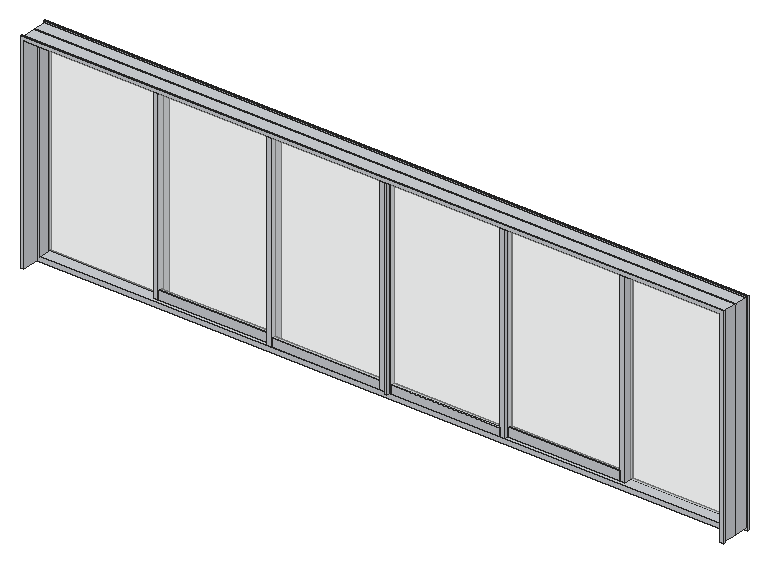
Revit family "APL Residential Thermal Heart Sliding Door FSSSSF", category Doors, host Wall, Revit 2017 (continued)
Definition of nested family "APL Residential Thermal Heart Sliding Door FSSSSF Vertical Section"
  Definition of nested family "Three Panel Sill"
    Definition of nested family "65470_Door Sill Rail"
      Lines and regions (mm)
        detail lines, in view "Ref. Level"
          curve 109: arc (31.4, 29.8, 0) -> (31.459, 29.941, 0) -> (31.6, 30, 0) r 0.2
          curve 110: arc (32, 30, 0) -> (32.141, 30.058, 0) -> (32.2, 30.2, 0) r 0.2
          curve 111: arc (32.2, 44.8, 0) -> (32.141, 44.941, 0) -> (32, 45, 0) r 0.2
          curve 112: arc (30.6, 45, 0) -> (30.459, 45.058, 0) -> (30.4, 45.2, 0) r 0.2
          curve 113: arc (30.4, 46.3, 0) -> (30.459, 46.441, 0) -> (30.6, 46.5, 0) r 0.2
          curve 114: arc (32, 46.5, 0) -> (32.141, 46.558, 0) -> (32.2, 46.7, 0) r 0.2
          curve 115: arc (31.601, 52.133, 0) -> (31.422, 52.398, 0) -> (31.119, 52.5, 0) r 0.5
          curve 116: arc (16.085, 52.5, 0) -> (15.78, 52.699, 0) -> (15.507, 52.457, 0) r 0.3
          curve 117: arc (15.507, 52.457, 0) -> (15.441, 52.319, 0) -> (15.315, 52.231, 0) r 0.3
          curve 118: arc (13.905, 51.718, 0) -> (13.619, 51.762, 0) -> (13.503, 52.026, 0) r 0.3
          curve 119: arc (13.71, 54.392, 0) -> (13.737, 54.492, 0) -> (13.797, 54.578, 0) r 0.3
          curve 120: arc (14.161, 54.941, 0) -> (14.354, 54.993, 0) -> (14.495, 54.852, 0) r 0.2
          curve 121: arc (14.54, 54.684, 0) -> (14.592, 54.595, 0) -> (14.681, 54.543, 0) r 0.2
          curve 122: arc (16.902, 54, 0) -> (17.182, 54.193, 0) -> (17.102, 54.524, 0) r 0.3
          curve 123: arc (17.102, 54.524, 0) -> (17.028, 54.625, 0) -> (17.002, 54.747, 0) r 0.3
          curve 124: arc (17.196, 58.75, 0) -> (17.16, 58.922, 0) -> (17.002, 59, 0) r 0.2
          curve 125: arc (16.482, 59, 0) -> (16.4, 58.989, 0) -> (16.325, 58.956, 0) r 0.3
          curve 126: arc (15.071, 58.191, 0) -> (15.074, 58.021, 0) -> (14.968, 57.889, 0) r 0.25
          curve 127: arc (14.882, 57.837, 0) -> (14.63, 57.832, 0) -> (14.502, 58.05, 0) r 0.25
          curve 128: arc (14.502, 60.196, 0) -> (14.528, 60.294, 0) -> (14.598, 60.367, 0) r 0.2
          curve 129: arc (16.906, 61.776, 0) -> (16.976, 61.849, 0) -> (17.002, 61.947, 0) r 0.2
          curve 130: arc (17.002, 71.553, 0) -> (16.976, 71.651, 0) -> (16.906, 71.724, 0) r 0.2
          curve 131: arc (14.598, 73.133, 0) -> (14.528, 73.206, 0) -> (14.502, 73.304, 0) r 0.2
          curve 132: arc (14.502, 75.45, 0) -> (14.629, 75.668, 0) -> (14.882, 75.664, 0) r 0.25
          curve 133: arc (14.968, 75.612, 0) -> (15.074, 75.479, 0) -> (15.071, 75.309, 0) r 0.25
          curve 134: arc (16.325, 74.544, 0) -> (16.4, 74.512, 0) -> (16.481, 74.5, 0) r 0.3
          curve 135: arc (17.002, 74.5, 0) -> (17.16, 74.578, 0) -> (17.196, 74.75, 0) r 0.2
          curve 136: arc (17.002, 78.753, 0) -> (17.028, 78.876, 0) -> (17.102, 78.977, 0) r 0.3
          curve 137: arc (17.102, 78.977, 0) -> (17.182, 79.307, 0) -> (16.902, 79.5, 0) r 0.3
          curve 138: arc (14.681, 78.957, 0) -> (14.592, 78.906, 0) -> (14.54, 78.816, 0) r 0.2
          curve 139: arc (14.495, 78.649, 0) -> (14.354, 78.507, 0) -> (14.161, 78.559, 0) r 0.2
          curve 140: arc (13.797, 78.923, 0) -> (13.737, 79.008, 0) -> (13.71, 79.109, 0) r 0.3
          curve 141: arc (13.503, 81.474, 0) -> (13.619, 81.738, 0) -> (13.905, 81.782, 0) r 0.3
          curve 142: arc (15.315, 81.269, 0) -> (15.441, 81.181, 0) -> (15.507, 81.044, 0) r 0.3
          curve 143: arc (15.507, 81.044, 0) -> (15.78, 80.801, 0) -> (16.085, 81, 0) r 0.3
          curve 144: arc (31.1, 81, 0) -> (31.414, 81.097, 0) -> (31.601, 81.367, 0) r 0.5
          curve 145: arc (32.601, 96.465, 0) -> (32.523, 96.623, 0) -> (32.349, 96.658, 0) r 0.2
          curve 146: arc (31.453, 96.417, 0) -> (31.279, 96.452, 0) -> (31.201, 96.611, 0) r 0.2
          curve 147: arc (20.155, 74.28, 0) -> (19.65, 74.922, 0) -> (19.29, 75.654, 0) r 3.9
          curve 148: arc (19.29, 75.654, 0) -> (19.067, 75.782, 0) -> (18.902, 75.585, 0) r 0.2
          curve 149: arc (18.902, 57.915, 0) -> (19.067, 57.718, 0) -> (19.29, 57.846, 0) r 0.2
          curve 150: arc (19.29, 57.846, 0) -> (19.65, 58.578, 0) -> (20.155, 59.22, 0) r 3.9
          curve 151: arc (20.155, 59.22, 0) -> (21.428, 59.237, 0) -> (21.445, 57.964, 0) r 0.9
          curve 152: arc (21.445, 57.964, 0) -> (20.85, 56.5, 0) -> (21.445, 55.035, 0) r 2.1
          curve 153: arc (21.445, 55.035, 0) -> (21.57, 54.873, 0) -> (21.656, 54.686, 0) r 0.9
          curve 154: arc (21.656, 54.686, 0) -> (21.753, 54.514, 0) -> (21.91, 54.393, 0) r 0.5
          curve 155: arc (21.91, 54.393, 0) -> (22.95, 54.15, 0) -> (23.99, 54.393, 0) r 2.35
          curve 156: arc (23.99, 54.393, 0) -> (24.147, 54.514, 0) -> (24.244, 54.686, 0) r 0.5
          curve 157: arc (24.244, 54.686, 0) -> (24.33, 54.873, 0) -> (24.455, 55.035, 0) r 0.9
          curve 158: arc (24.455, 55.035, 0) -> (25.05, 56.5, 0) -> (24.455, 57.964, 0) r 2.1
          curve 159: arc (24.455, 57.964, 0) -> (24.472, 59.237, 0) -> (25.745, 59.22, 0) r 0.9
          curve 160: arc (25.745, 59.22, 0) -> (26.799, 57.131, 0) -> (26.468, 54.816, 0) r 3.9
          curve 161: arc (26.468, 54.816, 0) -> (26.496, 54.333, 0) -> (26.919, 54.1, 0) r 0.5
          curve 162: arc (31.08, 54.1, 0) -> (31.402, 54.217, 0) -> (31.572, 54.514, 0) r 0.5
          curve 163: arc (31.572, 78.986, 0) -> (31.402, 79.283, 0) -> (31.08, 79.4, 0) r 0.5
          curve 164: line (31.636, 98.96, 0) -> (32.901, 98.96, 0)
          curve 165: line (32.901, 98.96, 0) -> (32.901, 99.797, 0)
          curve 166: line (33.101, 100, 0) -> (33.8, 100, 0)
          curve 167: line (34, 99.8, 0) -> (34, 0.5, 0)
          curve 168: line (33.5, 0, 0) -> (32.4, 0, 0)
          curve 169: line (32.2, 0.2, 0) -> (32.2, 28.3, 0)
          curve 170: line (32, 28.5, 0) -> (31.6, 28.5, 0)
          curve 171: line (31.4, 28.7, 0) -> (31.4, 29.8, 0)
          curve 172: line (31.6, 30, 0) -> (32, 30, 0)
          curve 173: line (32.2, 30.2, 0) -> (32.2, 44.8, 0)
          curve 174: line (32, 45, 0) -> (30.6, 45, 0)
          curve 175: line (30.4, 45.2, 0) -> (30.4, 46.3, 0)
          curve 176: line (30.6, 46.5, 0) -> (32, 46.5, 0)
          curve 177: line (32.2, 46.7, 0) -> (32.2, 49.89, 0)
          curve 178: line (32.182, 50.022, 0) -> (31.601, 52.133, 0)
          curve 179: line (31.119, 52.5, 0) -> (23.35, 52.5, 0)
          curve 180: line (23.35, 52.5, 0) -> (22.95, 52.9, 0)
          curve 181: line (22.95, 52.9, 0) -> (22.55, 52.5, 0)
          curve 182: line (22.55, 52.5, 0) -> (16.085, 52.5, 0)
          curve 183: line (15.315, 52.231, 0) -> (13.905, 51.718, 0)
          curve 184: line (13.503, 52.026, 0) -> (13.71, 54.392, 0)
          curve 185: line (13.797, 54.578, 0) -> (14.161, 54.941, 0)
          curve 186: line (14.495, 54.852, 0) -> (14.54, 54.684, 0)
          curve 187: line (14.681, 54.543, 0) -> (16.67, 54.01, 0)
          curve 188: line (17.002, 54.747, 0) -> (17.002, 57.975, 0)
          curve 189: line (17.002, 58, 0) -> (17.196, 58.75, 0)
          curve 190: line (17.002, 59, 0) -> (16.482, 59, 0)
          curve 191: line (16.325, 58.956, 0) -> (15.071, 58.191, 0)
          curve 192: line (14.502, 58.05, 0) -> (14.502, 60.196, 0)
          curve 193: line (14.598, 60.367, 0) -> (16.906, 61.776, 0)
          curve 194: line (17.002, 61.947, 0) -> (17.002, 71.553, 0)
          curve 195: line (16.906, 71.724, 0) -> (14.598, 73.133, 0)
          curve 196: line (14.502, 73.304, 0) -> (14.502, 75.45, 0)
          curve 197: line (15.071, 75.309, 0) -> (16.325, 74.544, 0)
          curve 198: line (16.481, 74.5, 0) -> (17.002, 74.5, 0)
          curve 199: line (17.196, 74.75, 0) -> (17.002, 75.5, 0)
          curve 200: line (17.002, 75.526, 0) -> (17.002, 78.753, 0)
          curve 201: line (16.67, 79.49, 0) -> (14.681, 78.957, 0)
          curve 202: line (14.54, 78.816, 0) -> (14.495, 78.649, 0)
          curve 203: line (14.161, 78.559, 0) -> (13.797, 78.923, 0)
          curve 204: line (13.71, 79.109, 0) -> (13.503, 81.474, 0)
          curve 205: line (13.905, 81.782, 0) -> (15.315, 81.269, 0)
          curve 206: line (16.085, 81, 0) -> (31.1, 81, 0)
          curve 207: line (31.601, 81.367, 0) -> (32.583, 84.935, 0)
          curve 208: line (32.601, 85.067, 0) -> (32.601, 96.465, 0)
          curve 209: line (32.349, 96.658, 0) -> (31.453, 96.417, 0)
          curve 210: line (31.201, 96.611, 0) -> (31.201, 97.442, 0)
          curve 211: line (31.201, 97.442, 0) -> (31.439, 98.795, 0)
          curve 212: line (18.902, 75.585, 0) -> (18.902, 57.915, 0)
          curve 213: line (26.919, 54.1, 0) -> (31.08, 54.1, 0)
          curve 214: line (31.572, 54.514, 0) -> (32.193, 58.057, 0)
          curve 215: line (32.2, 58.143, 0) -> (32.2, 75.357, 0)
          curve 216: line (32.193, 75.443, 0) -> (31.572, 78.986, 0)
          curve 217: line (31.08, 79.4, 0) -> (26.919, 79.4, 0)
          curve 218: arc (26.919, 79.4, 0) -> (26.496, 79.167, 0) -> (26.468, 78.684, 0) r 0.5
          curve 219: arc (26.468, 78.684, 0) -> (26.799, 76.369, 0) -> (25.745, 74.28, 0) r 3.9
          curve 220: arc (25.745, 74.28, 0) -> (24.472, 74.263, 0) -> (24.455, 75.536, 0) r 0.9
          curve 221: arc (24.455, 75.536, 0) -> (25.05, 77, 0) -> (24.455, 78.465, 0) r 2.1
          curve 222: arc (24.455, 78.465, 0) -> (24.33, 78.627, 0) -> (24.244, 78.814, 0) r 0.9
          curve 223: arc (24.244, 78.814, 0) -> (24.147, 78.987, 0) -> (23.99, 79.108, 0) r 0.5
          curve 224: arc (23.99, 79.108, 0) -> (22.95, 79.35, 0) -> (21.91, 79.108, 0) r 2.35
          curve 225: arc (21.91, 79.108, 0) -> (21.753, 78.987, 0) -> (21.656, 78.814, 0) r 0.5
          curve 226: arc (21.656, 78.814, 0) -> (21.57, 78.627, 0) -> (21.445, 78.465, 0) r 0.9
          curve 227: arc (21.445, 78.465, 0) -> (20.85, 77, 0) -> (21.445, 75.536, 0) r 2.1
          curve 228: arc (21.445, 75.536, 0) -> (21.428, 74.263, 0) -> (20.155, 74.28, 0) r 0.9
          curve 229: arc (2.202, 58.1, 0) -> (2.319, 58.383, 0) -> (2.602, 58.5, 0) r 0.4
          curve 230: arc (2.895, 58.5, 0) -> (2.998, 58.486, 0) -> (3.095, 58.446, 0) r 0.4
          curve 231: arc (4.623, 57.561, 0) -> (4.913, 57.441, 0) -> (5.224, 57.4, 0) r 1.2
          curve 232: arc (6.147, 57.4, 0) -> (6.72, 57.219, 0) -> (7.086, 56.742, 0) r 1
          curve 233: arc (7.879, 54.563, 0) -> (8.026, 54.372, 0) -> (8.255, 54.3, 0) r 0.4
          curve 234: arc (10.949, 54.3, 0) -> (11.178, 54.372, 0) -> (11.325, 54.563, 0) r 0.4
          curve 235: arc (12.118, 56.742, 0) -> (12.484, 57.219, 0) -> (13.057, 57.4, 0) r 1
          curve 236: arc (13.98, 57.4, 0) -> (14.291, 57.441, 0) -> (14.581, 57.561, 0) r 1.2
          curve 237: arc (16.109, 58.446, 0) -> (16.206, 58.486, 0) -> (16.309, 58.5, 0) r 0.4
          curve 238: arc (16.602, 58.5, 0) -> (16.885, 58.383, 0) -> (17.002, 58.1, 0) r 0.4
          curve 239: arc (17.002, 54.7, 0) -> (16.885, 54.417, 0) -> (16.602, 54.3, 0) r 0.4
          curve 240: arc (16.309, 54.3, 0) -> (16.206, 54.314, 0) -> (16.109, 54.354, 0) r 0.4
          curve 241: arc (14.581, 55.238, 0) -> (14.287, 55.36, 0) -> (13.972, 55.4, 0) r 1.2
          curve 242: arc (13.972, 55.4, 0) -> (13.797, 55.347, 0) -> (13.686, 55.203, 0) r 0.3
          curve 243: arc (12.798, 52.763, 0) -> (12.651, 52.572, 0) -> (12.422, 52.5, 0) r 0.4
          curve 244: arc (6.782, 52.5, 0) -> (6.553, 52.572, 0) -> (6.406, 52.763, 0) r 0.4
          curve 245: arc (5.518, 55.203, 0) -> (5.407, 55.347, 0) -> (5.232, 55.4, 0) r 0.3
          curve 246: arc (5.232, 55.4, 0) -> (4.917, 55.36, 0) -> (4.623, 55.238, 0) r 1.2
          curve 247: arc (3.095, 54.354, 0) -> (2.998, 54.314, 0) -> (2.895, 54.3, 0) r 0.4
          curve 248: arc (2.602, 54.3, 0) -> (2.319, 54.417, 0) -> (2.202, 54.7, 0) r 0.4
          curve 249: line (2.602, 58.5, 0) -> (2.895, 58.5, 0)
          curve 250: line (3.095, 58.446, 0) -> (4.623, 57.561, 0)
          curve 251: line (5.224, 57.4, 0) -> (6.147, 57.4, 0)
          curve 252: line (7.086, 56.742, 0) -> (7.879, 54.563, 0)
          curve 253: line (8.255, 54.3, 0) -> (10.949, 54.3, 0)
          curve 254: line (11.325, 54.563, 0) -> (12.118, 56.742, 0)
          curve 255: line (13.057, 57.4, 0) -> (13.98, 57.4, 0)
          curve 256: line (14.581, 57.561, 0) -> (16.109, 58.446, 0)
          curve 257: line (16.309, 58.5, 0) -> (16.602, 58.5, 0)
          curve 258: line (17.002, 58.1, 0) -> (17.002, 54.7, 0)
          curve 259: line (16.602, 54.3, 0) -> (16.309, 54.3, 0)
          curve 260: line (16.109, 54.354, 0) -> (14.581, 55.238, 0)
          curve 261: line (13.686, 55.203, 0) -> (12.798, 52.763, 0)
          curve 262: line (12.422, 52.5, 0) -> (6.782, 52.5, 0)
          curve 263: line (6.406, 52.763, 0) -> (5.518, 55.203, 0)
          curve 264: line (4.623, 55.238, 0) -> (3.095, 54.354, 0)
          curve 265: line (2.895, 54.3, 0) -> (2.602, 54.3, 0)
          curve 266: line (2.202, 54.7, 0) -> (2.202, 58.1, 0)
          curve 267: arc (2.202, 75.4, 0) -> (2.319, 75.117, 0) -> (2.602, 75, 0) r 0.4
          curve 268: arc (2.895, 75, 0) -> (2.998, 75.014, 0) -> (3.095, 75.054, 0) r 0.4
          curve 269: arc (4.623, 75.939, 0) -> (4.913, 76.059, 0) -> (5.224, 76.1, 0) r 1.2
          curve 270: arc (6.147, 76.1, 0) -> (6.72, 76.281, 0) -> (7.086, 76.758, 0) r 1
          curve 271: arc (7.879, 78.937, 0) -> (8.026, 79.128, 0) -> (8.255, 79.2, 0) r 0.4
          curve 272: arc (10.949, 79.2, 0) -> (11.178, 79.128, 0) -> (11.325, 78.937, 0) r 0.4
          curve 273: arc (12.118, 76.758, 0) -> (12.484, 76.281, 0) -> (13.057, 76.1, 0) r 1
          curve 274: arc (13.98, 76.1, 0) -> (14.291, 76.059, 0) -> (14.581, 75.939, 0) r 1.2
          curve 275: arc (16.109, 75.054, 0) -> (16.206, 75.014, 0) -> (16.309, 75, 0) r 0.4
          curve 276: arc (16.602, 75, 0) -> (16.885, 75.117, 0) -> (17.002, 75.4, 0) r 0.4
          curve 277: arc (17.002, 78.8, 0) -> (16.885, 79.083, 0) -> (16.602, 79.2, 0) r 0.4
          curve 278: arc (16.309, 79.2, 0) -> (16.206, 79.187, 0) -> (16.109, 79.147, 0) r 0.4
          curve 279: arc (14.581, 78.262, 0) -> (14.287, 78.14, 0) -> (13.972, 78.1, 0) r 1.2
          curve 280: arc (13.972, 78.1, 0) -> (13.797, 78.153, 0) -> (13.686, 78.298, 0) r 0.3
          curve 281: arc (12.798, 80.737, 0) -> (12.651, 80.928, 0) -> (12.422, 81, 0) r 0.4
          curve 282: arc (6.782, 81, 0) -> (6.553, 80.928, 0) -> (6.406, 80.737, 0) r 0.4
          curve 283: arc (5.518, 78.298, 0) -> (5.407, 78.153, 0) -> (5.232, 78.1, 0) r 0.3
          curve 284: arc (5.232, 78.1, 0) -> (4.917, 78.14, 0) -> (4.623, 78.262, 0) r 1.2
          curve 285: arc (3.095, 79.147, 0) -> (2.998, 79.187, 0) -> (2.895, 79.2, 0) r 0.4
          curve 286: arc (2.602, 79.2, 0) -> (2.319, 79.083, 0) -> (2.202, 78.8, 0) r 0.4
          curve 287: line (2.602, 75, 0) -> (2.895, 75, 0)
          curve 288: line (3.095, 75.054, 0) -> (4.623, 75.939, 0)
          curve 289: line (5.224, 76.1, 0) -> (6.147, 76.1, 0)
          curve 290: line (7.086, 76.758, 0) -> (7.879, 78.937, 0)
          curve 291: line (8.255, 79.2, 0) -> (10.949, 79.2, 0)
          curve 292: line (11.325, 78.937, 0) -> (12.118, 76.758, 0)
          curve 293: line (13.057, 76.1, 0) -> (13.98, 76.1, 0)
          curve 294: line (14.581, 75.939, 0) -> (16.109, 75.054, 0)
          curve 295: line (16.309, 75, 0) -> (16.602, 75, 0)
          curve 296: line (17.002, 75.4, 0) -> (17.002, 78.8, 0)
          curve 297: line (16.602, 79.2, 0) -> (16.309, 79.2, 0)
          curve 298: line (16.109, 79.147, 0) -> (14.581, 78.262, 0)
          curve 299: line (13.686, 78.298, 0) -> (12.798, 80.737, 0)
          curve 300: line (12.422, 81, 0) -> (6.782, 81, 0)
          curve 301: line (6.406, 80.737, 0) -> (5.518, 78.298, 0)
          curve 302: line (4.623, 78.262, 0) -> (3.095, 79.147, 0)
          curve 303: line (2.895, 79.2, 0) -> (2.602, 79.2, 0)
          curve 304: line (2.202, 78.8, 0) -> (2.202, 75.4, 0)
      Text (mm)
        text "65470" at (43.128, 87.494, 0), in view "Ref. Level"
    Definition of nested family "65390_Frame Sill"
      Reference planes
        plane 1 "Center (Front/Back)": y = 0
        plane 2: z = 0
        plane 3 "Center (Left/Right)": x = 0
      Lines and regions (mm)
        model lines, in view "Ref. Level"
          curve 1: arc (10.8, 6.498, 0) -> (11.356, 7.843, 0) -> (12.7, 8.4, 0) r 1.9
          curve 2: arc (13.1, 8.4, 0) -> (13.241, 8.459, 0) -> (13.3, 8.6, 0) r 0.2
          curve 3: arc (13.3, 15.4, 0) -> (13.241, 15.541, 0) -> (13.1, 15.6, 0) r 0.2
          curve 4: arc (11, 15.6, 0) -> (10.859, 15.659, 0) -> (10.8, 15.8, 0) r 0.2
          curve 5: arc (10.8, 16.283, 0) -> (10.741, 16.425, 0) -> (10.6, 16.483, 0) r 0.2
          curve 6: arc (1.9, 16.483, 0) -> (1.546, 16.337, 0) -> (1.4, 15.983, 0) r 0.5
          curve 7: arc (1.4, 2.245, 0) -> (1.521, 1.631, 0) -> (1.869, 1.111, 0) r 1.6
          curve 8: arc (6.387, -3.407, 0) -> (6.711, -3.624, 0) -> (7.094, -3.7, 0) r 1
          curve 9: arc (9.8, -3.7, 0) -> (10.507, -3.407, 0) -> (10.8, -2.7, 0) r 1
          curve 10: arc (1.665, 23.621, 0) -> (1.729, 23.522, 0) -> (1.725, 23.403, 0) r 0.2
          curve 11: arc (1.725, 23.403, 0) -> (1.621, 23.234, 0) -> (1.453, 23.127, 0) r 0.45
          curve 12: arc (1.453, 23.127, 0) -> (1.357, 23.052, 0) -> (1.322, 22.936, 0) r 0.2
          curve 13: arc (1.379, 18.081, 0) -> (1.438, 17.941, 0) -> (1.579, 17.883, 0) r 0.2
          curve 14: arc (10.6, 17.883, 0) -> (10.741, 17.942, 0) -> (10.8, 18.083, 0) r 0.2
          curve 15: arc (10.8, 22.172, 0) -> (10.773, 22.272, 0) -> (10.7, 22.345, 0) r 0.2
          curve 16: arc (9.6, 22.98, 0) -> (9.38, 23.2, 0) -> (9.3, 23.5, 0) r 0.6
          curve 17: arc (9.3, 23.8, 0) -> (9.359, 23.941, 0) -> (9.5, 24, 0) r 0.2
          curve 18: arc (13.617, 24, 0) -> (13.922, 23.801, 0) -> (14.195, 24.043, 0) r 0.3
          curve 19: arc (14.195, 24.043, 0) -> (14.261, 24.181, 0) -> (14.387, 24.268, 0) r 0.3
          curve 20: arc (15.797, 24.782, 0) -> (16.083, 24.738, 0) -> (16.199, 24.474, 0) r 0.3
          curve 21: arc (15.992, 22.108, 0) -> (15.965, 22.008, 0) -> (15.905, 21.922, 0) r 0.3
          curve 22: arc (15.541, 21.559, 0) -> (15.348, 21.507, 0) -> (15.207, 21.648, 0) r 0.2
          curve 23: arc (15.162, 21.816, 0) -> (15.11, 21.905, 0) -> (15.021, 21.957, 0) r 0.2
          curve 24: arc (12.8, 22.5, 0) -> (12.52, 22.307, 0) -> (12.6, 21.976, 0) r 0.3
          curve 25: arc (12.6, 21.976, 0) -> (12.674, 21.875, 0) -> (12.7, 21.753, 0) r 0.3
          curve 26: arc (12.506, 17.75, 0) -> (12.542, 17.578, 0) -> (12.7, 17.5, 0) r 0.2
          curve 27: arc (13.221, 17.5, 0) -> (13.302, 17.511, 0) -> (13.377, 17.544, 0) r 0.3
          curve 28: arc (14.631, 18.309, 0) -> (14.628, 18.479, 0) -> (14.734, 18.611, 0) r 0.25
          curve 29: arc (14.82, 18.663, 0) -> (15.072, 18.668, 0) -> (15.2, 18.45, 0) r 0.25
          curve 30: arc (15.2, 8.6, 0) -> (15.259, 8.459, 0) -> (15.4, 8.4, 0) r 0.2
          curve 31: arc (16.479, 8.4, 0) -> (16.643, 8.315, 0) -> (16.667, 8.132, 0) r 0.2
          curve 32: arc (15.775, 5.682, 0) -> (15.702, 5.586, 0) -> (15.587, 5.55, 0) r 0.2
          curve 33: arc (15.353, 5.55, 0) -> (15.248, 5.52, 0) -> (15.174, 5.439, 0) r 0.2
          curve 34: arc (15.174, 5.439, 0) -> (15.019, 5.31, 0) -> (14.82, 5.337, 0) r 0.25
          curve 35: arc (14.734, 5.389, 0) -> (14.628, 5.521, 0) -> (14.631, 5.691, 0) r 0.25
          curve 36: arc (13.377, 6.456, 0) -> (13.302, 6.489, 0) -> (13.221, 6.5, 0) r 0.3
          curve 37: arc (12.7, 6.5, 0) -> (12.542, 6.422, 0) -> (12.506, 6.25, 0) r 0.2
          curve 38: arc (12.7, 2.247, 0) -> (12.674, 2.125, 0) -> (12.6, 2.024, 0) r 0.3
          curve 39: arc (12.6, 2.024, 0) -> (12.52, 1.693, 0) -> (12.8, 1.5, 0) r 0.3
          curve 40: arc (15.021, 2.043, 0) -> (15.11, 2.095, 0) -> (15.162, 2.184, 0) r 0.2
          curve 41: arc (15.207, 2.352, 0) -> (15.348, 2.493, 0) -> (15.541, 2.441, 0) r 0.2
          curve 42: arc (15.905, 2.078, 0) -> (15.965, 1.992, 0) -> (15.992, 1.892, 0) r 0.3
          curve 43: arc (16.199, -0.474, 0) -> (16.083, -0.738, 0) -> (15.797, -0.782, 0) r 0.3
          curve 44: arc (14.387, -0.268, 0) -> (14.261, -0.181, 0) -> (14.195, -0.043, 0) r 0.3
          curve 45: arc (14.195, -0.043, 0) -> (13.922, 0.199, 0) -> (13.617, 0, 0) r 0.3
          curve 46: arc (12.6, 0, 0) -> (12.459, -0.059, 0) -> (12.4, -0.2, 0) r 0.2
          curve 47: arc (12.4, -2.696, 0) -> (11.64, -4.537, 0) -> (9.8, -5.3, 0) r 2.6
          curve 48: arc (7.9, -5.3, 0) -> (7.547, -5.446, 0) -> (7.4, -5.8, 0) r 0.5
          curve 49: arc (7.4, -13.402, 0) -> (7.508, -13.581, 0) -> (7.716, -13.566, 0) r 0.2
          curve 50: arc (7.716, -13.566, 0) -> (8.721, -13.692, 0) -> (8.684, -14.705, 0) r 0.75
          curve 51: arc (8.684, -14.705, 0) -> (8.15, -16.005, 0) -> (8.684, -17.305, 0) r 1.85
          curve 52: arc (8.684, -17.305, 0) -> (8.794, -17.447, 0) -> (8.867, -17.612, 0) r 0.75
          curve 53: arc (8.867, -17.612, 0) -> (8.97, -17.796, 0) -> (9.14, -17.921, 0) r 0.5
          curve 54: arc (9.14, -17.921, 0) -> (10, -18.105, 0) -> (10.86, -17.921, 0) r 2.1
          curve 55: arc (10.86, -17.921, 0) -> (11.03, -17.796, 0) -> (11.133, -17.612, 0) r 0.5
          curve 56: arc (11.133, -17.612, 0) -> (11.206, -17.447, 0) -> (11.316, -17.305, 0) r 0.75
          curve 57: arc (11.316, -17.305, 0) -> (11.85, -16.005, 0) -> (11.316, -14.705, 0) r 1.85
          curve 58: arc (11.316, -14.705, 0) -> (11.323, -13.644, 0) -> (12.384, -13.651, 0) r 0.75
          curve 59: arc (12.384, -13.651, 0) -> (13.348, -15.881, 0) -> (12.551, -18.176, 0) r 3.35
          curve 60: arc (12.551, -18.176, 0) -> (12.478, -18.71, 0) -> (12.932, -19, 0) r 0.5
          curve 61: arc (13.15, -19, 0) -> (13.291, -19.059, 0) -> (13.35, -19.2, 0) r 0.2
          curve 62: arc (13.35, -19.5, 0) -> (13.204, -19.854, 0) -> (12.85, -20, 0) r 0.5
          curve 63: arc (7, -20, 0) -> (6.293, -19.707, 0) -> (6, -19, 0) r 1
          curve 64: arc (6, -6.243, 0) -> (5.772, -5.095, 0) -> (5.121, -4.121, 0) r 3
          curve 65: arc (0.879, 0.121, 0) -> (0.228, 1.095, 0) -> (0, 2.243, 0) r 3
          curve 66: arc (0, 23.8, 0) -> (0.059, 23.941, 0) -> (0.2, 24, 0) r 0.2
          curve 67: line (10.8, -2.7, 0) -> (10.8, 6.498, 0)
          curve 68: line (12.7, 8.4, 0) -> (13.1, 8.4, 0)
          curve 69: line (13.1, 15.6, 0) -> (11, 15.6, 0)
          curve 70: line (10.8, 15.8, 0) -> (10.8, 16.283, 0)
          curve 71: line (10.6, 16.483, 0) -> (1.9, 16.483, 0)
          curve 72: line (1.4, 15.983, 0) -> (1.4, 2.245, 0)
          curve 73: line (1.869, 1.111, 0) -> (6.387, -3.407, 0)
          curve 74: line (7.094, -3.7, 0) -> (9.8, -3.7, 0)
          curve 75: line (1.322, 22.936, 0) -> (1.379, 18.081, 0)
          curve 76: line (1.579, 17.883, 0) -> (10.6, 17.883, 0)
          curve 77: line (10.8, 18.083, 0) -> (10.8, 22.172, 0)
          curve 78: line (10.7, 22.345, 0) -> (9.6, 22.98, 0)
          curve 79: line (9.3, 23.5, 0) -> (9.3, 23.8, 0)
          curve 80: line (9.5, 24, 0) -> (13.617, 24, 0)
          curve 81: line (14.387, 24.268, 0) -> (15.797, 24.782, 0)
          curve 82: line (16.199, 24.474, 0) -> (15.992, 22.108, 0)
          curve 83: line (15.905, 21.922, 0) -> (15.541, 21.559, 0)
          curve 84: line (15.207, 21.648, 0) -> (15.162, 21.816, 0)
          curve 85: line (15.162, 21.816, 0) -> (13.032, 22.49, 0)
          curve 86: line (13.032, 22.49, 0) -> (12.8, 22.5, 0)
          curve 87: line (12.7, 21.753, 0) -> (12.7, 18.525, 0)
          curve 88: line (12.7, 18.525, 0) -> (12.506, 17.75, 0)
          curve 89: line (12.7, 17.5, 0) -> (13.221, 17.5, 0)
          curve 90: line (13.221, 17.5, 0) -> (14.631, 18.309, 0)
          curve 91: line (15.2, 18.45, 0) -> (15.2, 16.874, 0)
          curve 92: line (15.2, 16.874, 0) -> (15.2, 8.6, 0)
          curve 93: line (15.2, 8.6, 0) -> (13.3, 8.6, 0)
          curve 94: line (13.3, 8.6, 0) -> (13.3, 15.4, 0)
          curve 95: line (15.4, 8.4, 0) -> (16.479, 8.4, 0)
          curve 96: line (16.667, 8.132, 0) -> (15.775, 5.682, 0)
          curve 97: line (15.587, 5.55, 0) -> (15.353, 5.55, 0)
          curve 98: line (14.631, 5.691, 0) -> (13.377, 6.456, 0)
          curve 99: line (13.377, 6.456, 0) -> (12.7, 6.5, 0)
          curve 100: line (12.506, 6.25, 0) -> (12.694, 5.525, 0)
          curve 101: line (12.694, 5.525, 0) -> (12.7, 2.247, 0)
          curve 102: line (12.954, 1.5, 0) -> (15.021, 2.043, 0)
          curve 103: line (15.021, 2.043, 0) -> (15.207, 2.352, 0)
          curve 104: line (15.541, 2.441, 0) -> (15.905, 2.078, 0)
          curve 105: line (15.992, 1.892, 0) -> (16.199, -0.474, 0)
          curve 106: line (15.797, -0.782, 0) -> (14.387, -0.268, 0)
          curve 107: line (13.617, 0, 0) -> (12.6, 0, 0)
          curve 108: line (12.4, -0.2, 0) -> (12.4, -2.696, 0)
          curve 109: line (9.8, -5.3, 0) -> (7.9, -5.3, 0)
          curve 110: line (7.4, -5.8, 0) -> (7.4, -13.402, 0)
          curve 111: line (12.932, -19, 0) -> (13.15, -19, 0)
          curve 112: line (13.35, -19.2, 0) -> (13.35, -19.5, 0)
          curve 113: line (12.85, -20, 0) -> (7, -20, 0)
          curve 114: line (6, -19, 0) -> (6, -6.243, 0)
          curve 115: line (5.121, -4.121, 0) -> (0.879, 0.121, 0)
          curve 116: line (0, 2.243, 0) -> (0, 23.8, 0)
          curve 117: line (0.2, 24, 0) -> (1.141, 24, 0)
          curve 118: line (1.141, 24, 0) -> (1.665, 23.621, 0)
          curve 119: line (13.3, 14.6, 0) -> (15.2, 14.6, 0)
          curve 120: arc (64.2, 16.467, 0) -> (64.076, 16.138, 0) -> (63.765, 15.972, 0) r 0.5
          curve 121: arc (63.765, 15.972, 0) -> (62.349, 15.442, 0) -> (61.309, 14.343, 0) r 3.35
          curve 122: arc (61.309, 14.343, 0) -> (61.577, 13.317, 0) -> (62.604, 13.585, 0) r 0.75
          curve 123: arc (62.604, 13.585, 0) -> (63.721, 14.437, 0) -> (65.115, 14.258, 0) r 1.85
          curve 124: arc (65.115, 14.258, 0) -> (65.281, 14.188, 0) -> (65.459, 14.16, 0) r 0.75
          curve 125: arc (65.459, 14.16, 0) -> (65.663, 14.108, 0) -> (65.828, 13.976, 0) r 0.5
          curve 126: arc (65.828, 13.976, 0) -> (66.3, 12.65, 0) -> (65.828, 11.324, 0) r 2.1
          curve 127: arc (65.828, 11.324, 0) -> (65.663, 11.192, 0) -> (65.459, 11.14, 0) r 0.5
          curve 128: arc (65.459, 11.14, 0) -> (65.281, 11.112, 0) -> (65.115, 11.042, 0) r 0.75
          curve 129: arc (65.115, 11.042, 0) -> (64.2, 10.8, 0) -> (63.285, 11.042, 0) r 1.85
          curve 130: arc (63.285, 11.042, 0) -> (62.738, 11.119, 0) -> (62.286, 10.8, 0) r 0.75
          curve 131: arc (39.189, 9.621, 0) -> (38.199, 9.316, 0) -> (37.363, 8.704, 0) r 3.126
          curve 132: arc (37.363, 8.704, 0) -> (37.013, 8.479, 0) -> (36.605, 8.4, 0) r 1.1
          curve 133: arc (29.901, 8.4, 0) -> (29.547, 8.546, 0) -> (29.4, 8.9, 0) r 0.5
          curve 134: arc (29.4, 22, 0) -> (29.546, 22.354, 0) -> (29.9, 22.5, 0) r 0.5
          curve 135: arc (44.4, 22.5, 0) -> (45.602, 22.998, 0) -> (46.1, 24.2, 0) r 1.7
          curve 136: arc (46.147, 35.533, 0) -> (46.409, 35.986, 0) -> (46.5, 36.5, 0) r 1.5
          curve 137: arc (46.5, 41.1, 0) -> (46.646, 41.454, 0) -> (47, 41.6, 0) r 0.5
          curve 138: arc (65.699, 41.6, 0) -> (66.053, 41.454, 0) -> (66.2, 41.1, 0) r 0.5
          curve 139: arc (66.2, 32, 0) -> (65.978, 30.526, 0) -> (65.33, 29.182, 0) r 5
          curve 140: arc (65.33, 29.182, 0) -> (64.489, 27.436, 0) -> (64.2, 25.519, 0) r 6.5
          curve 141: arc (27.317, 8.501, 0) -> (27.447, 8.565, 0) -> (27.5, 8.7, 0) r 0.2
          curve 142: arc (23.754, 8.189, 0) -> (23.602, 8.097, 0) -> (23.583, 7.921, 0) r 0.2
          curve 143: arc (24.399, 5.679, 0) -> (24.668, 5.392, 0) -> (25.06, 5.387, 0) r 0.5
          curve 144: arc (25.06, 5.387, 0) -> (25.211, 5.303, 0) -> (25.38, 5.337, 0) r 0.25
          curve 145: arc (25.466, 5.389, 0) -> (25.572, 5.521, 0) -> (25.569, 5.691, 0) r 0.25
          curve 146: arc (26.823, 6.456, 0) -> (26.898, 6.489, 0) -> (26.979, 6.5, 0) r 0.3
          curve 147: arc (27.5, 6.5, 0) -> (27.658, 6.422, 0) -> (27.694, 6.25, 0) r 0.2
          curve 148: arc (27.5, 2.247, 0) -> (27.526, 2.125, 0) -> (27.6, 2.024, 0) r 0.3
          curve 149: arc (27.6, 2.024, 0) -> (27.68, 1.693, 0) -> (27.4, 1.5, 0) r 0.3
          curve 150: arc (25.179, 2.043, 0) -> (25.09, 2.095, 0) -> (25.038, 2.184, 0) r 0.2
          curve 151: arc (24.993, 2.352, 0) -> (24.852, 2.493, 0) -> (24.659, 2.441, 0) r 0.2
          curve 152: arc (24.295, 2.078, 0) -> (24.235, 1.992, 0) -> (24.208, 1.892, 0) r 0.3
          curve 153: arc (24.001, -0.474, 0) -> (24.117, -0.738, 0) -> (24.403, -0.782, 0) r 0.3
          curve 154: arc (25.813, -0.268, 0) -> (25.939, -0.181, 0) -> (26.005, -0.043, 0) r 0.3
          curve 155: arc (26.005, -0.043, 0) -> (26.278, 0.199, 0) -> (26.583, 0, 0) r 0.3
          curve 156: arc (28.9, 0, 0) -> (29.254, 0.146, 0) -> (29.4, 0.5, 0) r 0.5
          curve 157: arc (29.4, 6.1, 0) -> (29.546, 6.454, 0) -> (29.9, 6.6, 0) r 0.499
          curve 158: arc (37.767, 6.6, 0) -> (38.931, 6.835, 0) -> (39.913, 7.503, 0) r 2.996
          curve 159: arc (39.913, 7.503, 0) -> (40.232, 7.73, 0) -> (40.611, 7.831, 0) r 1.1
          curve 160: arc (68.1, 8.9, 0) -> (68.241, 8.841, 0) -> (68.3, 8.7, 0) r 0.2
          curve 161: arc (68.3, 0.5, 0) -> (68.446, 0.146, 0) -> (68.8, 0, 0) r 0.5
          curve 162: arc (71.117, 0, 0) -> (71.422, 0.199, 0) -> (71.695, -0.043, 0) r 0.3
          curve 163: arc (71.695, -0.043, 0) -> (71.761, -0.181, 0) -> (71.887, -0.268, 0) r 0.3
          curve 164: arc (73.297, -0.782, 0) -> (73.583, -0.738, 0) -> (73.699, -0.474, 0) r 0.3
          curve 165: arc (73.492, 1.892, 0) -> (73.465, 1.992, 0) -> (73.405, 2.078, 0) r 0.3
          curve 166: arc (73.041, 2.441, 0) -> (72.848, 2.493, 0) -> (72.707, 2.352, 0) r 0.2
          curve 167: arc (72.662, 2.184, 0) -> (72.61, 2.095, 0) -> (72.521, 2.043, 0) r 0.2
          curve 168: arc (70.3, 1.5, 0) -> (70.02, 1.693, 0) -> (70.1, 2.024, 0) r 0.3
          curve 169: arc (70.1, 2.024, 0) -> (70.174, 2.125, 0) -> (70.2, 2.247, 0) r 0.3
          curve 170: arc (70.006, 6.25, 0) -> (70.042, 6.422, 0) -> (70.2, 6.5, 0) r 0.2
          curve 171: arc (70.721, 6.5, 0) -> (70.802, 6.489, 0) -> (70.877, 6.456, 0) r 0.3
          curve 172: arc (72.131, 5.691, 0) -> (72.128, 5.521, 0) -> (72.234, 5.389, 0) r 0.25
          curve 173: arc (72.32, 5.337, 0) -> (72.572, 5.332, 0) -> (72.7, 5.55, 0) r 0.25
          curve 174: arc (72.7, 7.124, 0) -> (72.618, 7.522, 0) -> (72.385, 7.854, 0) r 1
          curve 175: arc (72.385, 7.854, 0) -> (72.322, 8, 0) -> (72.385, 8.146, 0) r 0.2
          curve 176: arc (72.385, 8.146, 0) -> (72.618, 8.477, 0) -> (72.7, 8.874, 0) r 1
          curve 177: arc (72.7, 10.449, 0) -> (72.573, 10.668, 0) -> (72.32, 10.663, 0) r 0.25
          curve 178: arc (72.234, 10.611, 0) -> (72.128, 10.479, 0) -> (72.131, 10.309, 0) r 0.25
          curve 179: arc (70.877, 9.544, 0) -> (70.802, 9.511, 0) -> (70.721, 9.5, 0) r 0.3
          curve 180: arc (70.2, 9.5, 0) -> (70.042, 9.578, 0) -> (70.006, 9.75, 0) r 0.2
          curve 181: arc (70.2, 13.753, 0) -> (70.174, 13.876, 0) -> (70.1, 13.976, 0) r 0.3
          curve 182: arc (70.1, 13.976, 0) -> (70.02, 14.307, 0) -> (70.3, 14.5, 0) r 0.3
          curve 183: arc (72.521, 13.957, 0) -> (72.61, 13.905, 0) -> (72.662, 13.816, 0) r 0.2
          curve 184: arc (72.707, 13.648, 0) -> (72.848, 13.507, 0) -> (73.041, 13.559, 0) r 0.2
          curve 185: arc (73.405, 13.922, 0) -> (73.465, 14.008, 0) -> (73.492, 14.108, 0) r 0.3
          curve 186: arc (73.699, 16.474, 0) -> (73.583, 16.738, 0) -> (73.297, 16.782, 0) r 0.3
          curve 187: arc (71.887, 16.268, 0) -> (71.761, 16.181, 0) -> (71.695, 16.043, 0) r 0.3
          curve 188: arc (71.695, 16.043, 0) -> (71.422, 15.801, 0) -> (71.117, 16, 0) r 0.3
          curve 189: arc (66.201, 16, 0) -> (65.847, 16.146, 0) -> (65.7, 16.5, 0) r 0.5
          curve 190: arc (65.701, 25.622, 0) -> (65.938, 27.043, 0) -> (66.57, 28.337, 0) r 5
          curve 191: arc (66.57, 28.337, 0) -> (67.411, 30.083, 0) -> (67.7, 32, 0) r 6.5
          curve 192: arc (67.7, 33.1, 0) -> (67.759, 33.241, 0) -> (67.9, 33.3, 0) r 0.2
          curve 193: arc (69.3, 33.3, 0) -> (69.441, 33.241, 0) -> (69.5, 33.1, 0) r 0.2
          curve 194: arc (69.5, 32.8, 0) -> (70, 32.299, 0) -> (70.5, 32.8, 0) r 0.5
          curve 195: arc (70.5, 35.351, 0) -> (69.999, 35.85, 0) -> (69.5, 35.35, 0) r 0.5
          curve 196: arc (69.5, 34.5, 0) -> (69.441, 34.359, 0) -> (69.3, 34.3, 0) r 0.2
          curve 197: arc (67.9, 34.3, 0) -> (67.759, 34.359, 0) -> (67.7, 34.5, 0) r 0.2
          curve 198: arc (67.7, 41.8, 0) -> (67.759, 41.941, 0) -> (67.9, 42, 0) r 0.2
          curve 199: arc (69.3, 42, 0) -> (69.441, 41.941, 0) -> (69.5, 41.8, 0) r 0.2
          curve 200: arc (69.5, 40.95, 0) -> (70, 40.449, 0) -> (70.5, 40.95, 0) r 0.5
          curve 201: arc (70.5, 42.499, 0) -> (70.354, 42.853, 0) -> (70, 43, 0) r 0.5
          curve 202: arc (42.7, 43, 0) -> (42.559, 42.941, 0) -> (42.5, 42.8, 0) r 0.2
          curve 203: arc (42.5, 41.25, 0) -> (43, 40.749, 0) -> (43.5, 41.25, 0) r 0.5
          curve 204: arc (43.5, 41.8, 0) -> (43.559, 41.941, 0) -> (43.7, 42, 0) r 0.2
          curve 205: arc (44.8, 42, 0) -> (44.941, 41.941, 0) -> (45, 41.8, 0) r 0.2
          curve 206: arc (45, 36.7, 0) -> (44.941, 36.559, 0) -> (44.8, 36.5, 0) r 0.2
          curve 207: arc (43.7, 36.5, 0) -> (43.559, 36.559, 0) -> (43.5, 36.7, 0) r 0.2
          curve 208: arc (43.5, 37.25, 0) -> (43, 37.749, 0) -> (42.5, 37.25, 0) r 0.5
          curve 209: arc (42.5, 36.5, 0) -> (42.793, 35.793, 0) -> (43.5, 35.5, 0) r 1
          curve 210: arc (44.395, 35.5, 0) -> (44.539, 35.443, 0) -> (44.6, 35.3, 0) r 0.202
          curve 211: arc (44.6, 24.2, 0) -> (44.538, 24.058, 0) -> (44.395, 24, 0) r 0.205
          curve 212: arc (26.583, 24, 0) -> (26.278, 23.801, 0) -> (26.005, 24.043, 0) r 0.3
          curve 213: arc (26.005, 24.043, 0) -> (25.939, 24.181, 0) -> (25.813, 24.268, 0) r 0.3
          curve 214: arc (24.403, 24.782, 0) -> (24.117, 24.738, 0) -> (24.001, 24.474, 0) r 0.3
          curve 215: arc (24.208, 22.108, 0) -> (24.235, 22.008, 0) -> (24.295, 21.922, 0) r 0.3
          curve 216: arc (24.659, 21.559, 0) -> (24.852, 21.507, 0) -> (24.993, 21.648, 0) r 0.2
          curve 217: arc (25.038, 21.816, 0) -> (25.09, 21.905, 0) -> (25.179, 21.957, 0) r 0.2
          curve 218: arc (27.4, 22.5, 0) -> (27.68, 22.307, 0) -> (27.6, 21.976, 0) r 0.3
          curve 219: arc (27.6, 21.976, 0) -> (27.526, 21.875, 0) -> (27.5, 21.753, 0) r 0.3
          curve 220: arc (27.694, 17.75, 0) -> (27.658, 17.578, 0) -> (27.5, 17.5, 0) r 0.2
          curve 221: arc (26.979, 17.5, 0) -> (26.898, 17.511, 0) -> (26.823, 17.544, 0) r 0.3
          curve 222: arc (25.569, 18.309, 0) -> (25.572, 18.479, 0) -> (25.466, 18.611, 0) r 0.25
          curve 223: arc (25.38, 18.663, 0) -> (25.128, 18.668, 0) -> (25, 18.45, 0) r 0.25
          curve 224: arc (25, 16.874, 0) -> (25.128, 16.385, 0) -> (25.479, 16.021, 0) r 1
          curve 225: line (64.2, 22.467, 0) -> (65.701, 22.467, 0)
          curve 226: line (62.286, 10.8, 0) -> (53.629, 10.8, 0)
          curve 227: line (53.629, 10.8, 0) -> (39.189, 9.621, 0)
          curve 228: line (36.605, 8.4, 0) -> (29.901, 8.4, 0)
          curve 229: line (29.4, 8.9, 0) -> (29.4, 22, 0)
          curve 230: line (29.9, 22.5, 0) -> (44.4, 22.5, 0)
          curve 231: line (46.1, 24.2, 0) -> (46.1, 35.405, 0)
          curve 232: line (46.5, 36.5, 0) -> (46.5, 41.1, 0)
          curve 233: line (47, 41.6, 0) -> (65.699, 41.6, 0)
          curve 234: line (66.2, 41.1, 0) -> (66.2, 32, 0)
          curve 235: line (64.2, 25.519, 0) -> (64.2, 16.467, 0)
          curve 236: line (64.2, 16.467, 0) -> (65.701, 16.467, 0)
          curve 237: line (65.701, 16.467, 0) -> (65.701, 25.622, 0)
          curve 238: line (27.5, 14.7, 0) -> (29.4, 14.7, 0)
          curve 239: line (27.317, 8.501, 0) -> (23.754, 8.189, 0)
          curve 240: line (23.583, 7.921, 0) -> (24.399, 5.679, 0)
          curve 241: line (25.569, 5.691, 0) -> (26.823, 6.456, 0)
          curve 242: line (26.823, 6.456, 0) -> (27.5, 6.5, 0)
          curve 243: line (27.694, 6.25, 0) -> (27.5, 5.5, 0)
          curve 244: line (27.506, 5.525, 0) -> (27.5, 2.247, 0)
          curve 245: line (27.246, 1.5, 0) -> (25.179, 2.043, 0)
          curve 246: line (25.179, 2.043, 0) -> (24.993, 2.352, 0)
          curve 247: line (24.659, 2.441, 0) -> (24.295, 2.078, 0)
          curve 248: line (24.208, 1.892, 0) -> (24.001, -0.474, 0)
          curve 249: line (24.403, -0.782, 0) -> (25.813, -0.268, 0)
          curve 250: line (26.583, 0, 0) -> (28.9, 0, 0)
          curve 251: line (29.4, 0.5, 0) -> (29.4, 6.1, 0)
          curve 252: line (29.9, 6.6, 0) -> (33.5, 6.6, 0)
          curve 253: line (33.5, 6.6, 0) -> (33.9, 7, 0)
          curve 254: line (33.9, 7, 0) -> (34.3, 6.6, 0)
          curve 255: line (34.3, 6.6, 0) -> (37.767, 6.6, 0)
          curve 256: line (40.611, 7.831, 0) -> (53.707, 8.9, 0)
          curve 257: line (53.707, 8.9, 0) -> (58.307, 8.9, 0)
          curve 258: line (58.307, 8.9, 0) -> (58.707, 9.3, 0)
          curve 259: line (58.707, 9.3, 0) -> (59.107, 8.9, 0)
          curve 260: line (59.107, 8.9, 0) -> (68.1, 8.9, 0)
          curve 261: line (68.3, 8.7, 0) -> (68.3, 0.5, 0)
          curve 262: line (68.8, 0, 0) -> (71.117, 0, 0)
          curve 263: line (71.887, -0.268, 0) -> (73.297, -0.782, 0)
          curve 264: line (73.699, -0.474, 0) -> (73.492, 1.892, 0)
          curve 265: line (73.405, 2.078, 0) -> (73.041, 2.441, 0)
          curve 266: line (72.707, 2.352, 0) -> (72.662, 2.184, 0)
          curve 267: line (72.662, 2.184, 0) -> (70.532, 1.51, 0)
          curve 268: line (70.532, 1.51, 0) -> (70.3, 1.5, 0)
          curve 269: line (70.2, 2.247, 0) -> (70.2, 5.475, 0)
          curve 270: line (70.2, 5.475, 0) -> (70.006, 6.25, 0)
          curve 271: line (70.2, 6.5, 0) -> (70.721, 6.5, 0)
          curve 272: line (70.721, 6.5, 0) -> (72.131, 5.691, 0)
          curve 273: line (72.7, 5.55, 0) -> (72.7, 7.124, 0)
          curve 274: line (72.7, 8.874, 0) -> (72.7, 10.449, 0)
          curve 275: line (72.131, 10.309, 0) -> (70.877, 9.544, 0)
          curve 276: line (70.877, 9.544, 0) -> (70.2, 9.5, 0)
          curve 277: line (70.006, 9.75, 0) -> (70.194, 10.475, 0)
          curve 278: line (70.194, 10.475, 0) -> (70.2, 13.752, 0)
          curve 279: line (70.454, 14.5, 0) -> (72.521, 13.957, 0)
          curve 280: line (72.521, 13.957, 0) -> (72.707, 13.648, 0)
          curve 281: line (73.041, 13.559, 0) -> (73.405, 13.922, 0)
          curve 282: line (73.492, 14.108, 0) -> (73.699, 16.474, 0)
          curve 283: line (73.297, 16.782, 0) -> (71.887, 16.268, 0)
          curve 284: line (71.117, 16, 0) -> (66.201, 16, 0)
          curve 285: line (67.7, 32, 0) -> (67.7, 33.1, 0)
          curve 286: line (67.9, 33.3, 0) -> (69.3, 33.3, 0)
          curve 287: line (69.5, 33.1, 0) -> (69.5, 32.8, 0)
          curve 288: line (70.5, 32.8, 0) -> (70.5, 35.351, 0)
          curve 289: line (69.5, 35.35, 0) -> (69.5, 34.5, 0)
          curve 290: line (69.3, 34.3, 0) -> (67.9, 34.3, 0)
          curve 291: line (67.7, 34.5, 0) -> (67.7, 41.8, 0)
          curve 292: line (67.9, 42, 0) -> (69.3, 42, 0)
          curve 293: line (69.5, 41.8, 0) -> (69.5, 40.95, 0)
          curve 294: line (70.5, 40.95, 0) -> (70.5, 42.499, 0)
          curve 295: line (70, 43, 0) -> (42.7, 43, 0)
          curve 296: line (42.5, 42.8, 0) -> (42.5, 41.25, 0)
          curve 297: line (43.5, 41.25, 0) -> (43.5, 41.8, 0)
          curve 298: line (43.7, 42, 0) -> (44.8, 42, 0)
          curve 299: line (45, 41.8, 0) -> (45, 36.7, 0)
          curve 300: line (44.8, 36.5, 0) -> (43.7, 36.5, 0)
          curve 301: line (43.5, 36.7, 0) -> (43.5, 37.25, 0)
          curve 302: line (42.5, 37.25, 0) -> (42.5, 36.5, 0)
          curve 303: line (43.5, 35.5, 0) -> (44.395, 35.5, 0)
          curve 304: line (44.6, 35.3, 0) -> (44.6, 24.2, 0)
          curve 305: line (44.395, 24, 0) -> (34.3, 24, 0)
          curve 306: line (34.3, 24, 0) -> (33.9, 23.6, 0)
          curve 307: line (33.9, 23.6, 0) -> (33.5, 24, 0)
          curve 308: line (33.5, 24, 0) -> (26.583, 24, 0)
          curve 309: line (25.813, 24.268, 0) -> (24.403, 24.782, 0)
          curve 310: line (24.001, 24.474, 0) -> (24.208, 22.108, 0)
          curve 311: line (24.295, 21.922, 0) -> (24.659, 21.559, 0)
          curve 312: line (24.993, 21.648, 0) -> (25.038, 21.816, 0)
          curve 313: line (25.038, 21.816, 0) -> (27.168, 22.49, 0)
          curve 314: line (27.168, 22.49, 0) -> (27.4, 22.5, 0)
          curve 315: line (27.5, 21.753, 0) -> (27.5, 18.525, 0)
          curve 316: line (27.5, 18.525, 0) -> (27.694, 17.75, 0)
          curve 317: line (27.5, 17.5, 0) -> (26.979, 17.5, 0)
          curve 318: line (26.979, 17.5, 0) -> (25.569, 18.309, 0)
          curve 319: line (25, 18.45, 0) -> (25, 16.874, 0)
          curve 320: line (25.479, 16.021, 0) -> (26.284, 15.529, 0)
          curve 321: line (26.284, 15.529, 0) -> (27.5, 15.5, 0)
          curve 322: line (27.5, 15.5, 0) -> (27.5, 8.7, 0)
          curve 323: line (27.5, 8.7, 0) -> (29.442, 8.7, 0)
          curve 324: arc (12.7, 2.2, 0) -> (12.817, 1.917, 0) -> (13.1, 1.8, 0) r 0.4
          curve 325: arc (13.393, 1.8, 0) -> (13.496, 1.814, 0) -> (13.593, 1.854, 0) r 0.4
          curve 326: arc (15.121, 2.738, 0) -> (15.411, 2.859, 0) -> (15.722, 2.9, 0) r 1.2
          curve 327: arc (16.645, 2.9, 0) -> (17.218, 3.081, 0) -> (17.584, 3.558, 0) r 1
          curve 328: arc (18.377, 5.737, 0) -> (18.524, 5.928, 0) -> (18.753, 6, 0) r 0.4
          curve 329: arc (21.447, 6, 0) -> (21.676, 5.928, 0) -> (21.823, 5.737, 0) r 0.4
          curve 330: arc (22.616, 3.558, 0) -> (22.982, 3.081, 0) -> (23.555, 2.9, 0) r 1
          curve 331: arc (24.478, 2.9, 0) -> (24.789, 2.859, 0) -> (25.079, 2.738, 0) r 1.2
          curve 332: arc (26.607, 1.854, 0) -> (26.704, 1.814, 0) -> (26.807, 1.8, 0) r 0.4
          curve 333: arc (27.1, 1.8, 0) -> (27.383, 1.917, 0) -> (27.5, 2.2, 0) r 0.4
          curve 334: arc (27.5, 5.6, 0) -> (27.383, 5.883, 0) -> (27.1, 6, 0) r 0.4
          curve 335: arc (26.807, 6, 0) -> (26.704, 5.986, 0) -> (26.607, 5.946, 0) r 0.4
          curve 336: arc (25.079, 5.061, 0) -> (24.785, 4.94, 0) -> (24.47, 4.9, 0) r 1.2
          curve 337: arc (24.47, 4.9, 0) -> (24.295, 4.953, 0) -> (24.184, 5.097, 0) r 0.3
          curve 338: arc (23.296, 7.537, 0) -> (23.149, 7.728, 0) -> (22.92, 7.8, 0) r 0.4
          curve 339: arc (17.28, 7.8, 0) -> (17.051, 7.728, 0) -> (16.904, 7.537, 0) r 0.4
          curve 340: arc (16.016, 5.097, 0) -> (15.905, 4.953, 0) -> (15.73, 4.9, 0) r 0.3
          curve 341: arc (15.73, 4.9, 0) -> (15.415, 4.94, 0) -> (15.121, 5.061, 0) r 1.2
          curve 342: arc (13.593, 5.946, 0) -> (13.496, 5.986, 0) -> (13.393, 6, 0) r 0.4
          curve 343: arc (13.1, 6, 0) -> (12.817, 5.883, 0) -> (12.7, 5.6, 0) r 0.4
          curve 344: line (13.1, 1.8, 0) -> (13.393, 1.8, 0)
          curve 345: line (13.593, 1.854, 0) -> (15.121, 2.738, 0)
          curve 346: line (15.722, 2.9, 0) -> (16.645, 2.9, 0)
          curve 347: line (17.584, 3.558, 0) -> (18.377, 5.737, 0)
          curve 348: line (18.753, 6, 0) -> (21.447, 6, 0)
          curve 349: line (21.823, 5.737, 0) -> (22.616, 3.558, 0)
          curve 350: line (23.555, 2.9, 0) -> (24.478, 2.9, 0)
          curve 351: line (25.079, 2.738, 0) -> (26.607, 1.854, 0)
          curve 352: line (26.807, 1.8, 0) -> (27.1, 1.8, 0)
          curve 353: line (27.5, 2.2, 0) -> (27.5, 5.6, 0)
          curve 354: line (27.1, 6, 0) -> (26.807, 6, 0)
          curve 355: line (26.607, 5.946, 0) -> (25.079, 5.061, 0)
          curve 356: line (24.184, 5.097, 0) -> (23.296, 7.537, 0)
          curve 357: line (22.92, 7.8, 0) -> (17.28, 7.8, 0)
          curve 358: line (16.904, 7.537, 0) -> (16.016, 5.097, 0)
          curve 359: line (15.121, 5.061, 0) -> (13.593, 5.946, 0)
          curve 360: line (13.393, 6, 0) -> (13.1, 6, 0)
          curve 361: line (12.7, 5.6, 0) -> (12.7, 2.2, 0)
          curve 362: arc (12.7, 18.4, 0) -> (12.817, 18.117, 0) -> (13.1, 18, 0) r 0.4
          curve 363: arc (13.393, 18, 0) -> (13.496, 18.014, 0) -> (13.593, 18.054, 0) r 0.4
          curve 364: arc (15.121, 18.938, 0) -> (15.411, 19.059, 0) -> (15.722, 19.1, 0) r 1.2
          curve 365: arc (16.645, 19.1, 0) -> (17.218, 19.281, 0) -> (17.584, 19.758, 0) r 1
          curve 366: arc (18.377, 21.937, 0) -> (18.524, 22.128, 0) -> (18.753, 22.2, 0) r 0.4
          curve 367: arc (21.447, 22.2, 0) -> (21.676, 22.128, 0) -> (21.823, 21.937, 0) r 0.4
          curve 368: arc (22.616, 19.758, 0) -> (22.982, 19.281, 0) -> (23.555, 19.1, 0) r 1
          curve 369: arc (24.478, 19.1, 0) -> (24.789, 19.059, 0) -> (25.079, 18.938, 0) r 1.2
          curve 370: arc (26.607, 18.054, 0) -> (26.704, 18.014, 0) -> (26.807, 18, 0) r 0.4
          curve 371: arc (27.1, 18, 0) -> (27.383, 18.117, 0) -> (27.5, 18.4, 0) r 0.4
          curve 372: arc (27.5, 21.8, 0) -> (27.383, 22.083, 0) -> (27.1, 22.2, 0) r 0.4
          curve 373: arc (26.807, 22.2, 0) -> (26.704, 22.186, 0) -> (26.607, 22.146, 0) r 0.4
          curve 374: arc (25.079, 21.261, 0) -> (24.785, 21.14, 0) -> (24.47, 21.1, 0) r 1.2
          curve 375: arc (24.47, 21.1, 0) -> (24.295, 21.153, 0) -> (24.184, 21.297, 0) r 0.3
          curve 376: arc (23.296, 23.737, 0) -> (23.149, 23.928, 0) -> (22.92, 24, 0) r 0.4
          curve 377: arc (17.28, 24, 0) -> (17.051, 23.928, 0) -> (16.904, 23.737, 0) r 0.4
          curve 378: arc (16.016, 21.297, 0) -> (15.905, 21.153, 0) -> (15.73, 21.1, 0) r 0.3
          curve 379: arc (15.73, 21.1, 0) -> (15.415, 21.14, 0) -> (15.121, 21.261, 0) r 1.2
          curve 380: arc (13.593, 22.146, 0) -> (13.496, 22.186, 0) -> (13.393, 22.2, 0) r 0.4
          curve 381: arc (13.1, 22.2, 0) -> (12.817, 22.083, 0) -> (12.7, 21.8, 0) r 0.4
          curve 382: line (13.1, 18, 0) -> (13.393, 18, 0)
          curve 383: line (13.593, 18.054, 0) -> (15.121, 18.938, 0)
          curve 384: line (15.722, 19.1, 0) -> (16.645, 19.1, 0)
          curve 385: line (17.584, 19.758, 0) -> (18.377, 21.937, 0)
          curve 386: line (18.753, 22.2, 0) -> (21.447, 22.2, 0)
          curve 387: line (21.823, 21.937, 0) -> (22.616, 19.758, 0)
          curve 388: line (23.555, 19.1, 0) -> (24.478, 19.1, 0)
          curve 389: line (25.079, 18.938, 0) -> (26.607, 18.054, 0)
          curve 390: line (26.807, 18, 0) -> (27.1, 18, 0)
          curve 391: line (27.5, 18.4, 0) -> (27.5, 21.8, 0)
          curve 392: line (27.1, 22.2, 0) -> (26.807, 22.2, 0)
          curve 393: line (26.607, 22.146, 0) -> (25.079, 21.261, 0)
          curve 394: line (24.184, 21.297, 0) -> (23.296, 23.737, 0)
          curve 395: line (22.92, 24, 0) -> (17.28, 24, 0)
          curve 396: line (16.904, 23.737, 0) -> (16.016, 21.297, 0)
          curve 397: line (15.121, 21.261, 0) -> (13.593, 22.146, 0)
          curve 398: line (13.393, 22.2, 0) -> (13.1, 22.2, 0)
          curve 399: line (12.7, 21.8, 0) -> (12.7, 18.4, 0)
          curve 400: arc (70.2, 10.4, 0) -> (70.317, 10.117, 0) -> (70.6, 10, 0) r 0.4
          curve 401: arc (70.893, 10, 0) -> (70.996, 10.014, 0) -> (71.093, 10.054, 0) r 0.4
          curve 402: arc (72.621, 10.939, 0) -> (72.911, 11.059, 0) -> (73.222, 11.1, 0) r 1.2
          curve 403: arc (74.145, 11.1, 0) -> (74.718, 11.281, 0) -> (75.084, 11.758, 0) r 1
          curve 404: arc (75.877, 13.937, 0) -> (76.024, 14.128, 0) -> (76.253, 14.2, 0) r 0.4
          curve 405: arc (78.947, 14.2, 0) -> (79.176, 14.128, 0) -> (79.323, 13.937, 0) r 0.4
          curve 406: arc (80.116, 11.758, 0) -> (80.482, 11.281, 0) -> (81.055, 11.1, 0) r 1
          curve 407: arc (81.978, 11.1, 0) -> (82.289, 11.059, 0) -> (82.579, 10.939, 0) r 1.2
          curve 408: arc (84.107, 10.054, 0) -> (84.204, 10.014, 0) -> (84.307, 10, 0) r 0.4
          curve 409: arc (84.6, 10, 0) -> (84.883, 10.117, 0) -> (85, 10.4, 0) r 0.4
          curve 410: arc (85, 13.8, 0) -> (84.883, 14.083, 0) -> (84.6, 14.2, 0) r 0.4
          curve 411: arc (84.307, 14.2, 0) -> (84.204, 14.186, 0) -> (84.107, 14.146, 0) r 0.4
          curve 412: arc (82.579, 13.261, 0) -> (82.285, 13.14, 0) -> (81.97, 13.1, 0) r 1.2
          curve 413: arc (81.97, 13.1, 0) -> (81.795, 13.153, 0) -> (81.684, 13.297, 0) r 0.3
          curve 414: arc (80.796, 15.737, 0) -> (80.649, 15.928, 0) -> (80.42, 16, 0) r 0.4
          curve 415: arc (74.78, 16, 0) -> (74.551, 15.928, 0) -> (74.404, 15.737, 0) r 0.4
          curve 416: arc (73.516, 13.297, 0) -> (73.405, 13.153, 0) -> (73.23, 13.1, 0) r 0.3
          curve 417: arc (73.23, 13.1, 0) -> (72.915, 13.14, 0) -> (72.621, 13.261, 0) r 1.2
          curve 418: arc (71.093, 14.146, 0) -> (70.996, 14.186, 0) -> (70.893, 14.2, 0) r 0.4
          curve 419: arc (70.6, 14.2, 0) -> (70.317, 14.083, 0) -> (70.2, 13.8, 0) r 0.4
          curve 420: line (70.6, 10, 0) -> (70.893, 10, 0)
          curve 421: line (71.093, 10.054, 0) -> (72.621, 10.939, 0)
          curve 422: line (73.222, 11.1, 0) -> (74.145, 11.1, 0)
          curve 423: line (75.084, 11.758, 0) -> (75.877, 13.937, 0)
          curve 424: line (76.253, 14.2, 0) -> (78.947, 14.2, 0)
          curve 425: line (79.323, 13.937, 0) -> (80.116, 11.758, 0)
          curve 426: line (81.055, 11.1, 0) -> (81.978, 11.1, 0)
          curve 427: line (82.579, 10.939, 0) -> (84.107, 10.054, 0)
          curve 428: line (84.307, 10, 0) -> (84.6, 10, 0)
          curve 429: line (85, 10.4, 0) -> (85, 13.8, 0)
          curve 430: line (84.6, 14.2, 0) -> (84.307, 14.2, 0)
          curve 431: line (84.107, 14.146, 0) -> (82.579, 13.261, 0)
          curve 432: line (81.684, 13.297, 0) -> (80.796, 15.737, 0)
          curve 433: line (80.42, 16, 0) -> (74.78, 16, 0)
          curve 434: line (74.404, 15.737, 0) -> (73.516, 13.297, 0)
          curve 435: line (72.621, 13.261, 0) -> (71.093, 14.146, 0)
          curve 436: line (70.893, 14.2, 0) -> (70.6, 14.2, 0)
          curve 437: line (70.2, 13.8, 0) -> (70.2, 10.4, 0)
          curve 438: arc (70.2, 5.6, 0) -> (70.317, 5.883, 0) -> (70.6, 6, 0) r 0.4
          curve 439: arc (70.893, 6, 0) -> (70.996, 5.986, 0) -> (71.093, 5.946, 0) r 0.4
          curve 440: arc (72.621, 5.061, 0) -> (72.911, 4.941, 0) -> (73.222, 4.9, 0) r 1.2
          curve 441: arc (74.145, 4.9, 0) -> (74.718, 4.719, 0) -> (75.084, 4.242, 0) r 1
          curve 442: arc (75.877, 2.063, 0) -> (76.024, 1.872, 0) -> (76.253, 1.8, 0) r 0.4
          curve 443: arc (78.947, 1.8, 0) -> (79.176, 1.872, 0) -> (79.323, 2.063, 0) r 0.4
          curve 444: arc (80.116, 4.242, 0) -> (80.482, 4.719, 0) -> (81.055, 4.9, 0) r 1
          curve 445: arc (81.978, 4.9, 0) -> (82.289, 4.941, 0) -> (82.579, 5.061, 0) r 1.2
          curve 446: arc (84.107, 5.946, 0) -> (84.204, 5.986, 0) -> (84.307, 6, 0) r 0.4
          curve 447: arc (84.6, 6, 0) -> (84.883, 5.883, 0) -> (85, 5.6, 0) r 0.4
          curve 448: arc (85, 2.2, 0) -> (84.883, 1.917, 0) -> (84.6, 1.8, 0) r 0.4
          curve 449: arc (84.307, 1.8, 0) -> (84.204, 1.814, 0) -> (84.107, 1.854, 0) r 0.4
          curve 450: arc (82.579, 2.738, 0) -> (82.285, 2.86, 0) -> (81.97, 2.9, 0) r 1.2
          curve 451: arc (81.97, 2.9, 0) -> (81.795, 2.847, 0) -> (81.684, 2.703, 0) r 0.3
          curve 452: arc (80.796, 0.263, 0) -> (80.649, 0.072, 0) -> (80.42, 0, 0) r 0.4
          curve 453: arc (74.78, 0, 0) -> (74.551, 0.072, 0) -> (74.404, 0.263, 0) r 0.4
          curve 454: arc (73.516, 2.703, 0) -> (73.405, 2.847, 0) -> (73.23, 2.9, 0) r 0.3
